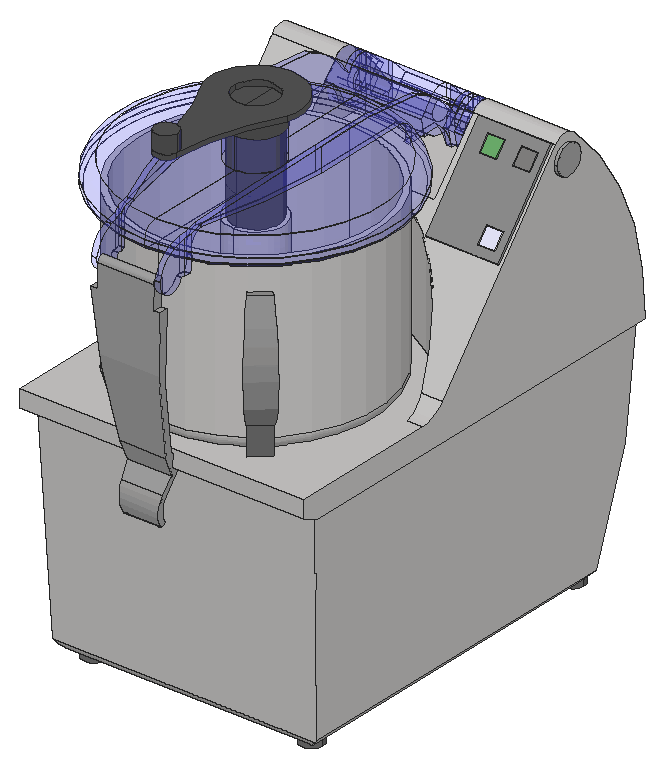
Revit family "QF_DITOSAMA_600452_DK55YVVG", category Specialty Equipment, Revit 2018
Family settings
  Round Connector Dimension = Use Diameter
  Part Type = Normal
  Work Plane-Based = No
  Always vertical = Yes
  Cut with Voids When Loaded = No
  Shared = No
  Room Calculation Point = No
Parameters (values of type "Standard")
  Weight = 22.00 kg
  Watts = 0 W
  Volts = 200 V
  URL Manufacturer = "http://www.ditosama.com"
  URL = "http://www.ditosama.com"
  Steam Supply Size = 0 mm
  Steam Supply Minimum Pressure = 0.0 Pa
  Steam Supply Maximum Pressure = 0.0 Pa
  Steam Pounds per Hour = 0
  Refrigeration Suction Line Size = 0.0 mm
  Refrigeration Liquid Line Size = 0.0 mm
  Refrigerant Compressor Remote = yes
  Manufacturer = "Dito Sama"
  Phase = 1
  Model = "DK55YVVG"
  Length Actual = 256.0 mm  # constant formula
  Item Number = "600452"
  Hot Water Size = 0 mm
  Height Actual = 482.0 mm  # constant formula
  HP = "1.7 HP"
  Gas Size = 0 mm
  Gas KW = 0
  Gas Input Pressure = 0 W
  Direct Waste Size = 0 mm
  Description = "CUTTER-MIXER 5.5L-MICROTOOTHED BLADE-VARIAB.SPEED-1300W-200-240/1/50-60-UK"
  Depth Actual = 415.0 mm  # constant formula
  Cycle = 50 Hz
  Condensate Return Size = 0 mm
  Compressed Air Volume = 0.0 L/s
  Compressed Air Size = 0 mm
  Compressed Air Pressure = 0.0 Pa
  Cold Water Size = 0 mm
  Accessory = yes
Reference planes
  plane 1 "Center (Front/Back)": y = 0
  plane 2: z = 0
  plane 3 "Center (Left/Right)": x = 0
  plane 4 "BASE": z = 6
  plane 5 "TOP": z = 685
  plane 6 "FRONT": y = -207.5
  plane 7 "BACK": y = 207.5
  plane 8 "LEFT": x = -128
  plane 9 "RIGHT": x = 128
  plane 10 "CenterX": x = -10
  plane 11 "Maniglia": through (-10, -59.177, 4000) normal (0.766, 0.6428, 0)
  plane 12 "Panel": through (4267.2, 107.252, 388.448) normal (0, 0.766, -0.6428)
  plane 13: z = 470
Forms (mm)
  Extrusion 1, solid, material "QF_Finishes_Stainless Steel"
    sketch origin (0, 0, 0) x (0, 1, 0) y (0, 0, 1)
      loop
        arc (155.897, 6) -> (160.37, 10.596) -> (163.359, 16.27) r 22.417
        arc (163.359, 16.27) -> (192.273, 107.896) -> (201.98, 203.483) r 470.678
        line (201.98, 203.483) -> (-161.42, 203.483)
        arc (-161.42, 203.483) -> (-159.547, 108.877) -> (-151.391, 14.604) r 1423.016
        arc (-151.391, 14.604) -> (-146.603, 8.365) -> (-139.103, 6) r 13.076
        line (-139.103, 6) -> (155.897, 6)
    from -128 to 128
  Extrusion 2, void
    sketch origin (0, -207.5, 0) x (-1, 0, 0) y (0, 0, 1)
      loop
        line (128, 203.483) -> (125, 203.483) -> (119.389, 16.27) -> (109.119, 6) -> (128, 6) -> (128, 203.483)
      loop
        line (-128, 203.483) -> (-128, 6) -> (-109.119, 6) -> (-119.389, 16.27) -> (-125, 203.483) -> (-128, 203.483)
    from 14.374 to 435.947
  Extrusion 3, solid, material "QF_Finishes_Stainless Steel"
    sketch origin (0, 0, 0) x (0, 1, 0) y (0, 0, 1)
      loop
        arc (207.5, 203.483) -> (187.745, 305.45) -> (127.203, 389.844) r 242.898
        arc (127.203, 389.844) -> (116.931, 393.38) -> (107.252, 388.448) r 13.902
        line (107.252, 388.448) -> (-20.106, 236.67)
        arc (-20.106, 236.67) -> (-30.264, 228.875) -> (-42.764, 226.104) r 29.578
        line (-42.764, 226.104) -> (-177.764, 226.104) -> (-177.764, 211.104) -> (-161.42, 203.483) -> (207.5, 203.483)
    from -128 to 128
  Extrusion 4, void
    sketch origin (0, -207.5, 0) x (-1, 0, 0) y (0, 0, 1)
      loop
        line (-53.607, 393.414) -> (-53.607, 336.684) -> (71.073, 336.684) -> (71.073, 393.414) -> (-53.607, 393.414)
    from 255.469 to 415
  Revolve 5, solid, material "QF_Plastic-Black"
    sketch origin (-10, 0, 0) x (0, -1, 0) y (0, 0, 1)
      loop
        line (59.177, 450.527) -> (28.516, 450.527) -> (35.424, 443.619) -> (35.424, 430.527) -> (38.194, 430.527) -> (38.194, 356.104) -> (59.177, 356.104) -> (59.177, 450.527)
      axis (59.177, 356.104) -> (59.177, 450.527)
    angle from 0 to 360
  Extrusion 6, solid, material "QF_Plastic-Black"
    sketch origin (0, 0, 0) x (1, 0, 0) y (0, 1, 0)
      loop
        arc (-48.167, -71.147) -> (-28.951, -114.517) -> (-19.956, -161.093) r 210.055
        arc (-19.956, -161.093) -> (-10, -170.155) -> (-0.044, -161.093) r 10
        arc (-0.044, -161.093) -> (8.951, -114.517) -> (28.167, -71.147) r 210.055
        arc (28.167, -71.147) -> (-10, -19.177) -> (-48.167, -71.147) r 40
    from 450.5 to 455
  Extrusion 7, solid, material "QF_Plastic-Black"
    sketch origin (0, 0, 0) x (1, 0, 0) y (0, 1, 0)
      loop
        circle (-10, -160.155) r 10
    from 455 to 470
  Extrusion 8, void
    sketch origin (0, 0, 0) x (1, 0, 0) y (0, 1, 0)
      loop
        circle (-10, -59.177) r 19
    from 427.6 to 472.8
  Extrusion 9, void
    sketch origin (0, 0, 0) x (1, 0, 0) y (0, 1, 0)
      loop
        arc (115, -59.177) -> (-10, 65.823) -> (-135, -59.177) r 125
        line (-135, -59.177) -> (115, -59.177)
    from 226.104 to 336.684
  Extrusion 10, void
    sketch origin (-20, 0, 0) x (-1, 0, 0) y (0, -1, 0)
      loop
        line (16.15, 177.864) -> (16.15, -123.86) -> (35.771, -123.86) -> (35.771, 48.192)
        arc (35.771, 48.192) -> (30.047, 105.502) -> (17.781, 161.776) r 500.876
        line (17.781, 161.776) -> (17.781, 171.776) -> (16.15, 177.864)
      loop
        line (40.771, -123.86) -> (45.852, -123.86) -> (45.852, 210.681) -> (21.15, 210.681) -> (21.15, 178.522) -> (22.781, 172.434) -> (22.781, 162.459)
        arc (22.781, 162.459) -> (35.047, 105.893) -> (40.771, 48.297) r 505.876
        line (40.771, 48.297) -> (40.771, -123.86)
    from 350.345 to 477.521
  Extrusion 11, solid, material "Glass"
    sketch origin (-20, 0, 0) x (0, 1, 0) y (0, 0, -1)
      loop
        line (-173.064, -369.647) -> (-181.303, -369.647)
        arc (-181.303, -369.647) -> (-196.341, -361.818) -> (-205.451, -376.117) r 12.548
        arc (-205.451, -376.117) -> (-199.87, -388.651) -> (-189.058, -397.099) r 28.357
        arc (-189.058, -397.099) -> (-65.868, -423.241) -> (59.99, -418.888) r 518.061
        arc (59.99, -418.888) -> (85.116, -404.522) -> (104.437, -382.973) r 90.696
        arc (104.437, -382.973) -> (113.885, -392.821) -> (127.203, -389.844) r 13.902
        arc (127.203, -389.844) -> (135.322, -382.188) -> (143.082, -374.167) r 242.898
        line (143.082, -374.167) -> (137.378, -368.464)
        arc (137.378, -368.464) -> (123.613, -353.84) -> (104.088, -358.543) r 20
        line (104.088, -358.543) -> (99.34, -358.543)
        arc (99.34, -358.543) -> (94.194, -371.609) -> (85.823, -382.884) r 53.446
        line (85.823, -382.884) -> (50.823, -382.884)
        arc (50.823, -382.884) -> (52.796, -383.701) -> (53.614, -385.674) r 2.79
        line (53.614, -385.674) -> (53.614, -390.892)
        arc (53.614, -390.892) -> (50.154, -399.244) -> (41.802, -402.703) r 11.812
        line (41.802, -402.703) -> (-160.307, -402.703)
        arc (-160.307, -402.703) -> (-168.659, -399.244) -> (-172.119, -390.892) r 11.812
        line (-172.119, -390.892) -> (-172.119, -385.826)
        arc (-172.119, -385.826) -> (-171.728, -384.361) -> (-170.659, -383.285) r 2.942
        line (-170.659, -383.285) -> (-173.064, -369.647)
      loop
        circle (117.901, -373.007) r 9.416
    from 16.15 to 45.852
  Extrusion 12, solid, material "Glass"
    sketch origin (0, 0, 0) x (0, 1, 0) y (0, 0, 1)
      loop
        line (137.378, 368.464) -> (143.082, 374.167)
        arc (143.082, 374.167) -> (135.322, 382.188) -> (127.203, 389.844) r 242.898
        arc (127.203, 389.844) -> (116.931, 393.38) -> (107.252, 388.448) r 13.902
        line (107.252, 388.448) -> (95.766, 374.76)
        arc (95.766, 374.76) -> (97.862, 366.72) -> (99.34, 358.543) r 108.872
        line (99.34, 358.543) -> (104.088, 358.543)
        arc (104.088, 358.543) -> (123.613, 353.84) -> (137.378, 368.464) r 20
      loop
        circle (117.901, 373.007) r 9.416
    from -71.073 to 53.607
  Extrusion 13, solid, material "QF_Finishes_Gray"
    sketch origin (0, 0, 0) x (0, 1, 0) y (0, 0, 1)
      loop
        arc (-182.273, 168.111) -> (-185.377, 178.111) -> (-182.273, 188.111) r 17.658
        line (-182.273, 188.111) -> (-169.592, 207.294) -> (-177.764, 211.104) -> (-177.764, 222.201) -> (-180.378, 224.815)
        arc (-180.378, 224.815) -> (-194.973, 298.318) -> (-196.805, 373.235) r 437.299
        arc (-196.805, 373.235) -> (-201.296, 377.726) -> (-205.788, 373.235) r 4.491
        arc (-205.788, 373.235) -> (-201.07, 296.739) -> (-185.461, 221.705) r 534.528
        line (-185.461, 221.705) -> (-177.764, 203.503) -> (-186.394, 190.943)
        arc (-186.394, 190.943) -> (-190.377, 178.111) -> (-186.394, 165.28) r 22.658
        arc (-186.394, 165.28) -> (-182.917, 164.635) -> (-182.273, 168.111) r 2.5
    from -49.646 to 27.326
  Extrusion 14, void
    sketch origin (0, -207.5, 0) x (-1, 0, 0) y (0, 0, 1)
      loop
        line (-15.15, 396.938) -> (-47.326, 396.938) -> (-47.326, 161.938) -> (-5.366, 161.938) -> (-20.516, 351.652) -> (-15.15, 351.652) -> (-15.15, 396.938)
      loop
        line (26.963, 161.938) -> (77.918, 161.938) -> (77.918, 396.938) -> (35.15, 396.938) -> (35.15, 351.652) -> (42.113, 351.652) -> (26.963, 161.938)
    from 46.08 to -69.339
  Extrusion 15, solid, material "Glass"
    sketch origin (0, 0, 0) x (0, 1, 0) y (0, 0, 1)
      loop
        line (-173.064, 369.647) -> (-170.659, 383.285)
        arc (-170.659, 383.285) -> (-171.728, 384.361) -> (-172.119, 385.826) r 2.942
        line (-172.119, 385.826) -> (-172.119, 390.892)
        arc (-172.119, 390.892) -> (-168.659, 399.244) -> (-160.307, 402.703) r 11.812
        line (-160.307, 402.703) -> (41.802, 402.703)
        arc (41.802, 402.703) -> (50.154, 399.244) -> (53.614, 390.892) r 11.812
        line (53.614, 390.892) -> (53.614, 385.674)
        arc (53.614, 385.674) -> (52.796, 383.701) -> (50.823, 382.884) r 2.79
        line (50.823, 382.884) -> (85.823, 382.884)
        arc (85.823, 382.884) -> (94.194, 371.609) -> (99.34, 358.543) r 53.446
        line (99.34, 358.543) -> (104.088, 358.543)
        arc (104.088, 358.543) -> (123.613, 353.84) -> (137.378, 368.464) r 20
        line (137.378, 368.464) -> (143.082, 374.167)
        arc (143.082, 374.167) -> (135.322, 382.188) -> (127.203, 389.844) r 242.898
        arc (127.203, 389.844) -> (113.885, 392.821) -> (104.437, 382.973) r 13.902
        arc (104.437, 382.973) -> (85.116, 404.522) -> (59.99, 418.888) r 90.696
        arc (59.99, 418.888) -> (-65.868, 423.241) -> (-189.058, 397.099) r 518.061
        arc (-189.058, 397.099) -> (-199.87, 388.651) -> (-205.451, 376.117) r 28.357
        arc (-205.451, 376.117) -> (-196.341, 361.818) -> (-181.303, 369.647) r 12.548
        line (-181.303, 369.647) -> (-173.064, 369.647)
      loop
        circle (117.901, 373.007) r 9.416
    from 16.15 to 45.852
  Extrusion 16, void
    sketch origin (0, 0, 0) x (1, 0, 0) y (0, 1, 0)
      loop
        line (16.15, -177.864) -> (17.781, -171.776) -> (17.781, -161.776)
        arc (17.781, -161.776) -> (30.047, -105.502) -> (35.771, -48.192) r 500.876
        line (35.771, -48.192) -> (35.771, 123.86) -> (16.15, 123.86) -> (16.15, -177.864)
      loop
        line (40.771, 123.86) -> (40.771, -48.297)
        arc (40.771, -48.297) -> (35.047, -105.893) -> (22.781, -162.459) r 505.876
        line (22.781, -162.459) -> (22.781, -172.434) -> (21.15, -178.522) -> (21.15, -210.681) -> (45.852, -210.681) -> (45.852, 123.86) -> (40.771, 123.86)
    from 350.345 to 477.521
  Revolve 17, solid, material "Glass"
    sketch origin (-10, 0, -40) x (0, -1, 0) y (0, 0, 1)
      loop
        line (38.194, 422.884) -> (38.194, 470.527) -> (35.424, 470.527) -> (35.424, 442.703) -> (-53.802, 442.703)
        arc (-53.802, 442.703) -> (-62.213, 439.268) -> (-65.732, 430.892) r 11.871
        line (-65.732, 430.892) -> (-65.732, 425.793)
        arc (-65.732, 425.793) -> (-64.88, 423.736) -> (-62.823, 422.884) r 2.909
        line (-62.823, 422.884) -> (38.194, 422.884)
      axis (59.177, 422.884) -> (59.177, 470.527)
    angle from 0 to 360
  Revolve 18, solid, material "QF_Metal-Stainless-Polished"
    sketch origin (-10, 0, 0) x (0, -1, 0) y (0, 0, 1)
      loop
        line (169.177, 382.884) -> (164.177, 382.884) -> (164.177, 237.884)
        arc (164.177, 237.884) -> (162.191, 233.09) -> (157.397, 231.104) r 6.78
        line (157.397, 231.104) -> (84.177, 231.104) -> (84.177, 356.104) -> (79.177, 356.104) -> (79.177, 226.104) -> (157.397, 226.104)
        arc (157.397, 226.104) -> (165.726, 229.554) -> (169.177, 237.884) r 11.78
        line (169.177, 237.884) -> (169.177, 382.884)
      axis (59.177, 382.884) -> (59.177, 226.104)
    angle from 0 to 360
  Extrusion 19, solid, material "QF_Plastic-Gray-Matte"
    sketch origin (-49.423, -13.925, 0) x (0.634002, 0.773331, 0) y (-0.773331, 0.634002, 0)
      loop
        line (-55.497, -222.333) -> (-26.468, -227.794) -> (-20.635, -161.119)
        arc (-20.635, -161.119) -> (-28.727, -159.898) -> (-36.729, -158.185) r 133.529
        line (-36.729, -158.185) -> (-55.497, -222.333)
    from 226.104 to 356.104
  Revolve 20, void
    sketch origin (-35.007, -29.374, 0) x (-0.642788, 0.766044, 0) y (0, 0, 1)
      loop
        arc (-155.215, 337.579) -> (-171.344, 302.579) -> (-155.215, 267.579) r 46.04
        line (-155.215, 267.579) -> (-147.754, 267.579) -> (-147.754, 337.579) -> (-155.215, 337.579)
      loop
        line (-155.215, 356.104) -> (-147.754, 356.104) -> (-147.754, 361.761) -> (-215.215, 361.761) -> (-215.215, 226.104) -> (-147.754, 226.104) -> (-147.754, 256.485) -> (-163.93, 256.485)
        arc (-163.93, 256.485) -> (-184.453, 308.471) -> (-155.215, 356.104) r 62.537
      axis (10, 361.761) -> (10, 226.104)
    angle from -8.217 to 8.652
  Extrusion 21, solid, material "QF_Finishes_Rubber Black"
    sketch origin (0, 0, 0) x (1, 0, 0) y (0, 1, 0)
      loop
        arc (57.446, -154.071) -> (64.931, -148.135) -> (72.061, -141.775) r 165.215
        line (72.061, -141.775) -> (66.401, -136.116)
        arc (66.401, -136.116) -> (59.824, -141.977) -> (52.928, -147.46) r 157.215
        line (52.928, -147.46) -> (57.446, -154.071)
    from 226.104 to 256.485
  Extrusion 22, solid, material "QF_Plastic-Gray-Matte"
    sketch origin (0, -128.336, 107.686) x (0, 0.642788, 0.766044) y (1, 0, 0)
      loop
        line (366.07, 59.066) -> (366.07, 124.8) -> (272.743, 124.8) -> (272.743, 59.066) -> (366.07, 59.066)
      loop
        line (356.63, 102.599) -> (356.63, 117.599) -> (341.63, 117.599) -> (341.63, 102.599) -> (356.63, 102.599)
      loop
        line (295.63, 102.599) -> (295.63, 117.599) -> (280.63, 117.599) -> (280.63, 102.599) -> (295.63, 102.599)
      loop
        line (356.63, 72.599) -> (356.63, 87.599) -> (341.63, 87.599) -> (341.63, 72.599) -> (356.63, 72.599)
    from -1 to 0.6
  Extrusion 23, solid, material "QF_Finishes_Red"
    sketch origin (0, -128.336, 107.686) x (0, 0.642788, 0.766044) y (1, 0, 0)
      loop
        line (356.63, 102.599) -> (356.63, 117.599) -> (341.63, 117.599) -> (341.63, 102.599) -> (356.63, 102.599)
    from -1 to 0.6
  Extrusion 24, solid, material "QF_Finishes_Green"
    sketch origin (-27.396, -127.834, 108.284) x (0, 0.642788, 0.766044) y (1, 0, 0)
      loop
        line (355.85, 99.994) -> (355.85, 114.994) -> (340.786, 114.994) -> (340.786, 99.994) -> (355.85, 99.994)
    from -1 to 0.6
  Extrusion 25, solid, material "QF_Plastic-White-Matte"
    sketch origin (0, -167.546, 60.958) x (0, 0.642788, 0.766044) y (1, 0, 0)
      loop
        line (356.63, 102.599) -> (356.63, 117.599) -> (341.63, 117.599) -> (341.63, 102.599) -> (356.63, 102.599)
    from -1 to 0.6
  Extrusion 26, solid, material "QF_Finishes_Stainless Steel"
    sketch origin (0, 207.5, 0) x (-1, 0, 0) y (0, 0, 1)
      loop
        circle (0, 202) r 10.353
    from -6.2 to 3
  Revolve 27, solid, material "QF_Door-Drawer Clearances", detail levels coarse
    sketch origin (-10, -221.856, 479.549) x (0, 0, 1) y (0, 1, 0)
      loop
        line (59.177, 490.527) -> (28.516, 490.527) -> (35.424, 483.619) -> (35.424, 470.527) -> (38.194, 470.527) -> (38.194, 442.703) -> (59.177, 442.703) -> (59.177, 490.527)
      axis (59.177, 442.703) -> (59.177, 490.527)
    angle from 0 to 360
  Extrusion 28, solid, material "QF_Door-Drawer Clearances", detail levels coarse
    sketch origin (0, -221.856, 479.549) x (1, 0, 0) y (0, 0, -1)
      loop
        arc (-48.167, -71.147) -> (-28.951, -114.517) -> (-19.956, -161.093) r 210.055
        arc (-19.956, -161.093) -> (-10, -170.155) -> (-0.044, -161.093) r 10
        arc (-0.044, -161.093) -> (8.951, -114.517) -> (28.167, -71.147) r 210.055
        arc (28.167, -71.147) -> (-10, -19.177) -> (-48.167, -71.147) r 40
    from 490.527 to 495.013
  Extrusion 29, solid, material "QF_Door-Drawer Clearances", detail levels coarse
    sketch origin (0, -221.856, 479.549) x (1, 0, 0) y (0, 0, -1)
      loop
        circle (-10, -160.155) r 10
    from 495.013 to 510.592
  Extrusion 30, void
    sketch origin (-20, -221.856, 479.359) x (-1, 0, 0) y (0, 0, 1)
      loop
        line (16.15, 177.864) -> (16.15, -123.86) -> (35.771, -123.86) -> (35.771, 48.192)
        arc (35.771, 48.192) -> (30.047, 105.502) -> (17.781, 161.776) r 500.876
        line (17.781, 161.776) -> (17.781, 171.776) -> (16.15, 177.864)
      loop
        line (40.771, -123.86) -> (45.852, -123.86) -> (45.852, 210.681) -> (21.15, 210.681) -> (21.15, 178.522) -> (22.781, 172.434) -> (22.781, 162.459)
        arc (22.781, 162.459) -> (35.047, 105.893) -> (40.771, 48.297) r 505.876
        line (40.771, 48.297) -> (40.771, -123.86)
    from 350.345 to 477.521
  Extrusion 31, solid, material "QF_Door-Drawer Clearances", detail levels coarse
    sketch origin (-20, -221.856, 479.359) x (0, 0, -1) y (0, -1, 0)
      loop
        line (-173.064, -409.647) -> (-181.303, -409.647)
        arc (-181.303, -409.647) -> (-196.341, -401.818) -> (-205.451, -416.117) r 12.548
        arc (-205.451, -416.117) -> (-199.87, -428.651) -> (-189.058, -437.099) r 28.357
        arc (-189.058, -437.099) -> (-65.868, -463.241) -> (59.99, -458.888) r 518.061
        arc (59.99, -458.888) -> (92.246, -438.11) -> (113.023, -405.855) r 90.696
        arc (113.023, -405.855) -> (114.903, -399.662) -> (115.972, -393.28) r 50.278
        arc (115.972, -393.28) -> (121.968, -392.806) -> (127.203, -389.844) r 13.902
        arc (127.203, -389.844) -> (129.309, -387.924) -> (131.393, -385.98) r 242.898
        arc (131.393, -385.98) -> (114.739, -373.307) -> (99.238, -359.247) r 242.898
        arc (99.238, -359.247) -> (87.934, -393.903) -> (65.823, -422.884) r 108.872
        line (65.823, -422.884) -> (50.823, -422.884)
        arc (50.823, -422.884) -> (52.796, -423.701) -> (53.614, -425.674) r 2.79
        line (53.614, -425.674) -> (53.614, -430.892)
        arc (53.614, -430.892) -> (50.154, -439.244) -> (41.802, -442.703) r 11.812
        line (41.802, -442.703) -> (-160.307, -442.703)
        arc (-160.307, -442.703) -> (-168.659, -439.244) -> (-172.119, -430.892) r 11.812
        line (-172.119, -430.892) -> (-172.119, -425.826)
        arc (-172.119, -425.826) -> (-171.728, -424.361) -> (-170.659, -423.285) r 2.942
        line (-170.659, -423.285) -> (-173.064, -409.647)
    from 16.15 to 45.852
  Extrusion 32, void
    sketch origin (0, -221.856, 479.359) x (1, 0, 0) y (0, 0, -1)
      loop
        line (16.15, -177.864) -> (17.781, -171.776) -> (17.781, -161.776)
        arc (17.781, -161.776) -> (30.047, -105.502) -> (35.771, -48.192) r 500.876
        line (35.771, -48.192) -> (35.771, 123.86) -> (16.15, 123.86) -> (16.15, -177.864)
      loop
        line (40.771, 123.86) -> (40.771, -48.297)
        arc (40.771, -48.297) -> (35.047, -105.893) -> (22.781, -162.459) r 505.876
        line (22.781, -162.459) -> (22.781, -172.434) -> (21.15, -178.522) -> (21.15, -210.681) -> (45.852, -210.681) -> (45.852, 123.86) -> (40.771, 123.86)
    from 350.345 to 477.521
  Extrusion 33, solid, material "QF_Door-Drawer Clearances", detail levels coarse
    sketch origin (0, -221.856, 479.359) x (0, 0, -1) y (0, 1, 0)
      loop
        line (-173.064, 409.647) -> (-170.659, 423.285)
        arc (-170.659, 423.285) -> (-171.728, 424.361) -> (-172.119, 425.826) r 2.942
        line (-172.119, 425.826) -> (-172.119, 430.892)
        arc (-172.119, 430.892) -> (-168.659, 439.244) -> (-160.307, 442.703) r 11.812
        line (-160.307, 442.703) -> (41.802, 442.703)
        arc (41.802, 442.703) -> (50.154, 439.244) -> (53.614, 430.892) r 11.812
        line (53.614, 430.892) -> (53.614, 425.674)
        arc (53.614, 425.674) -> (52.796, 423.701) -> (50.823, 422.884) r 2.79
        line (50.823, 422.884) -> (65.823, 422.884)
        arc (65.823, 422.884) -> (87.934, 393.903) -> (99.238, 359.247) r 108.872
        arc (99.238, 359.247) -> (114.739, 373.307) -> (131.393, 385.98) r 242.898
        arc (131.393, 385.98) -> (129.309, 387.924) -> (127.203, 389.844) r 242.898
        arc (127.203, 389.844) -> (121.968, 392.806) -> (115.972, 393.28) r 13.902
        arc (115.972, 393.28) -> (114.903, 399.662) -> (113.023, 405.855) r 50.278
        arc (113.023, 405.855) -> (92.246, 438.11) -> (59.99, 458.888) r 90.696
        arc (59.99, 458.888) -> (-65.868, 463.241) -> (-189.058, 437.099) r 518.061
        arc (-189.058, 437.099) -> (-199.87, 428.651) -> (-205.451, 416.117) r 28.357
        arc (-205.451, 416.117) -> (-196.341, 401.818) -> (-181.303, 409.647) r 12.548
        line (-181.303, 409.647) -> (-173.064, 409.647)
    from 16.15 to 45.852
  Revolve 34, solid, material "QF_Door-Drawer Clearances", detail levels coarse
    sketch origin (-10, -221.856, 479.549) x (0, 0, 1) y (0, 1, 0)
      loop
        line (38.194, 422.884) -> (38.194, 470.527) -> (35.424, 470.527) -> (35.424, 442.703) -> (-53.802, 442.703)
        arc (-53.802, 442.703) -> (-62.213, 439.268) -> (-65.732, 430.892) r 11.871
        line (-65.732, 430.892) -> (-65.732, 425.793)
        arc (-65.732, 425.793) -> (-64.88, 423.736) -> (-62.823, 422.884) r 2.909
        line (-62.823, 422.884) -> (38.194, 422.884)
      axis (59.177, 422.884) -> (59.177, 470.527)
    angle from 0 to 360
  Extrusion 35, solid, material "QF_Finishes_Rubber Black"
    sketch origin (0, 0, 0) x (1, 0, 0) y (0, 1, 0)
      loop
        circle (-98.592, 163.359) r 10
      loop
        circle (-98.592, -131.641) r 10
      loop
        circle (98.592, 163.359) r 10
      loop
        circle (98.592, -131.641) r 10
    from 0 to 6
  Extrusion 36, solid, material "QF_Finishes_Gray"
    sketch origin (0, 0, 0) x (0, 1, 0) y (0, 0, 1)
      loop
        circle (117.901, 373.007) r 13.005
    from 131.516 to 128
  Extrusion 37, solid, material "QF_Finishes_Gray"
    sketch origin (0, 0, 0) x (0, 1, 0) y (0, 0, -1)
      loop
        circle (117.901, -373.007) r 13.005
    from 131.516 to 128
Cuts and joins
  Extrusion 2, Extrusion 8, Extrusion 9 cuts Extrusion 1
  Extrusion 4, Extrusion 9 cuts Extrusion 3
  Extrusion 8 cuts Extrusion 6
  Extrusion 10, Extrusion 16, Extrusion 30, Extrusion 32 cuts Extrusion 11
  Extrusion 14, Extrusion 16, Extrusion 30 cuts Extrusion 13
  Extrusion 16, Extrusion 30, Extrusion 32 cuts Extrusion 12
  Extrusion 16 cuts Extrusion 15
  Revolve 20 cuts Extrusion 19
  Extrusion 30 cuts Revolve 17
  Extrusion 30 cuts Revolve 18
  Extrusion 30, Extrusion 32 cuts Extrusion 31
  Extrusion 32 cuts Extrusion 33
Lines and regions (mm)
  symbolic lines
    curve 1: arc (-10, -172.155, 0) -> (3.999, -171.284, 0) -> (17.781, -168.686, 0) r 112.979
    curve 2: arc (-10, -184.085, 0) -> (-23.148, -183.391, 0) -> (-36.15, -181.317, 0) r 124.909
    curve 3: line (128, -157.764, 0) -> (128, 187.57, 0)
    curve 4: line (124.8, 106.204, 0) -> (59.066, 106.204, 0)
    curve 5: line (102.599, 90.494, 0) -> (117.599, 90.494, 0)
    curve 6: line (117.599, 62.151, 0) -> (102.599, 62.151, 0)
    curve 7: line (102.599, 51.284, 0) -> (117.599, 51.284, 0)
    curve 8: line (102.599, 62.151, 0) -> (102.599, 51.284, 0)
    curve 9: line (117.599, 51.284, 0) -> (117.599, 62.151, 0)
    curve 10: line (117.599, 90.494, 0) -> (117.599, 101.361, 0)
    curve 11: line (102.599, 101.361, 0) -> (102.599, 90.494, 0)
    curve 12: arc (-0.044, -161.093, 0) -> (8.951, -114.517, 0) -> (28.167, -71.147, 0) r 210.055
    curve 13: arc (28.167, -71.147, 0) -> (-10, -19.177, 0) -> (-48.167, -71.147, 0) r 40
    curve 14: arc (-48.167, -71.147, 0) -> (-28.951, -114.517, 0) -> (-19.956, -161.093, 0) r 210.055
    curve 15: arc (-19.956, -161.093, 0) -> (-10, -170.155, 0) -> (-0.044, -161.093, 0) r 10
    curve 16: arc (0, -160.155, 0) -> (-10, -150.155, 0) -> (-20, -160.155, 0) r 10
    curve 17: arc (-55.771, -48.192, 0) -> (-50.047, -105.502, 0) -> (-37.781, -161.776, 0) r 500.876
    curve 18: arc (-42.781, -162.459, 0) -> (-55.047, -105.893, 0) -> (-60.771, -48.297, 0) r 505.876
    curve 19: line (-55.771, 123.86, 0) -> (-55.771, -48.192, 0)
    curve 20: line (-60.771, -48.297, 0) -> (-60.771, 123.86, 0)
    curve 21: line (40.771, 123.86, 0) -> (40.771, -48.297, 0)
    curve 22: line (35.771, -48.192, 0) -> (35.771, 123.86, 0)
    curve 23: arc (40.771, -48.297, 0) -> (35.047, -105.893, 0) -> (22.781, -162.459, 0) r 505.876
    curve 24: arc (17.781, -161.776, 0) -> (30.047, -105.502, 0) -> (35.771, -48.192, 0) r 500.876
    curve 25: line (22.781, -162.459, 0) -> (22.781, -172.434, 0)
    curve 26: line (17.781, -171.776, 0) -> (17.781, -161.776, 0)
    curve 27: line (16.15, -177.864, 0) -> (17.781, -171.776, 0)
    curve 28: line (22.781, -172.434, 0) -> (21.15, -178.522, 0)
    curve 29: line (21.15, -178.522, 0) -> (21.15, -205.641, 0)
    curve 30: line (-37.781, -161.776, 0) -> (-37.781, -171.776, 0)
    curve 31: line (-42.781, -172.434, 0) -> (-42.781, -162.459, 0)
    curve 32: line (-41.15, -178.522, 0) -> (-42.781, -172.434, 0)
    curve 33: line (-37.781, -171.776, 0) -> (-36.15, -177.864, 0)
    curve 34: line (-41.15, -205.641, 0) -> (-41.15, -178.522, 0)
    curve 35: spline (22.008, -197.61, 0) -> (21.937, -197.617, 0) -> (21.865, -197.622, 0) -> (21.794, -197.626, 0) -> (21.722, -197.627, 0) -> (21.651, -197.627, 0) -> (21.579, -197.625, 0) -> (21.508, -197.621, 0) -> (21.436, -197.615, 0) -> (21.365, -197.608, 0) -> (21.293, -197.598, 0) -> (21.222, -197.587, 0) -> (21.15, -197.574, 0)
    curve 36: line (-71.073, 171.51, 0) -> (53.607, 171.51, 0)
    curve 37: line (59.066, 46.214, 0) -> (124.8, 46.214, 0)
    curve 38: line (59.066, 106.204, 0) -> (59.066, 46.214, 0)
    curve 39: line (124.8, 46.214, 0) -> (124.8, 107.429, 0)
    curve 40: line (53.607, 48.324, 0) -> (53.607, 171.51, 0)
    curve 41: line (-71.073, 171.51, 0) -> (-71.073, 49.783, 0)
    curve 42: arc (40.771, 54.948, 0) -> (114.476, -69.566, 0) -> (21.15, -180.138, 0) r 124.909
    curve 43: arc (-60.771, 41.751, 0) -> (-122.562, -68.863, 0) -> (-42.781, -167.295, 0) r 112.979
    curve 44: line (93.154, -162.392, 0) -> (78.293, -147.531, 0)
    curve 45: line (93.154, -162.392, 0) -> (74.048, -178.424, 0)
    curve 46: line (74.048, -178.424, 0) -> (61.96, -161.274, 0)
    curve 47: arc (-37.781, -168.686, 0) -> (-23.999, -171.284, 0) -> (-10, -172.155, 0) r 112.979
    curve 48: arc (-41.15, -180.138, 0) -> (-94.625, -151.05, 0) -> (-128, -100.142, 0) r 124.909
    curve 49: arc (22.781, -167.295, 0) -> (102.562, -68.863, 0) -> (40.771, 41.751, 0) r 112.979
    curve 50: arc (16.15, -181.317, 0) -> (3.148, -183.391, 0) -> (-10, -184.085, 0) r 124.909
    curve 51: line (16.15, -205.242, 0) -> (16.15, -177.864, 0)
    curve 52: line (-36.15, -205.641, 0) -> (-36.15, -177.864, 0)
    curve 53: line (-41.15, -205.641, 0) -> (21.15, -205.641, 0)
    curve 54: line (22.008, -205.53, 0) -> (22.008, -197.61, 0)
    curve 55: line (22.008, -205.53, 0) -> (21.15, -205.53, 0)
    curve 56: spline (-42.008, -197.61, 0) -> (-41.937, -197.617, 0) -> (-41.865, -197.622, 0) -> (-41.794, -197.626, 0) -> (-41.722, -197.627, 0) -> (-41.651, -197.627, 0) -> (-41.579, -197.625, 0) -> (-41.508, -197.621, 0) -> (-41.436, -197.615, 0) -> (-41.365, -197.608, 0) -> (-41.293, -197.598, 0) -> (-41.222, -197.587, 0) -> (-41.15, -197.574, 0)
    curve 57: line (-42.008, -205.53, 0) -> (-42.008, -197.61, 0)
    curve 58: line (-42.008, -205.53, 0) -> (-41.15, -205.53, 0)
    curve 59: arc (-128, -18.211, 0) -> (-101.973, 25.34, 0) -> (-60.771, 54.948, 0) r 124.909
    curve 60: arc (-128, -100.142, 0) -> (-134.909, -59.177, 0) -> (-128, -18.211, 0) r 124.909
    curve 61: line (-108, -177.764, 0) -> (-49.233, -177.764, 0)
    curve 62: line (-128, 187.57, 0) -> (-128, -17.764, 0)
    curve 63: line (29.233, -177.764, 0) -> (108, -177.764, 0)
    curve 64: line (-128, -97.764, 0) -> (-128, -157.764, 0)
    curve 65: line (-108, 207.57, 0) -> (108, 207.57, 0)
    curve 66: arc (-128, -157.764, 0) -> (-122.142, -171.906, 0) -> (-108, -177.764, 0) r 20
    curve 67: arc (108, -177.764, 0) -> (122.142, -171.906, 0) -> (128, -157.764, 0) r 20
    curve 68: arc (128, 187.57, 0) -> (122.142, 201.713, 0) -> (108, 207.57, 0) r 20
    curve 69: arc (-108, 207.57, 0) -> (-122.142, 201.713, 0) -> (-128, 187.57, 0) r 20
    curve 70: line (45.852, 123.86, 0) -> (-71.073, 123.86, 0)
    curve 71: line (45.852, 137.378, 0) -> (-65.852, 137.378, 0)
    curve 72: line (45.852, 143.082, 0) -> (-65.852, 143.082, 0)
    curve 73: line (53.607, 123.86, 0) -> (45.852, 123.86, 0)
    curve 74: line (45.852, 123.86, 0) -> (45.852, 170.216, 0)
    curve 75: line (45.852, 170.216, 0) -> (-65.852, 170.216, 0)
    curve 76: line (-65.852, 170.216, 0) -> (-65.852, 123.86, 0)
    curve 77: line (102.599, 101.361, 0) -> (117.599, 101.361, 0)
    curve 78: line (72.599, 90.494, 0) -> (87.599, 90.494, 0)
    curve 79: line (87.599, 90.494, 0) -> (87.599, 101.361, 0)
    curve 80: line (72.599, 101.361, 0) -> (72.599, 90.494, 0)
    curve 81: line (72.599, 101.361, 0) -> (87.599, 101.361, 0)
Dimensions and locks
  plane 4 "BASE" to level = 6.0 mm
  plane 5 "TOP" to level = 685.0 mm  (x2)
  plane 8 "LEFT" to plane 3 "Center (Left/Right)" to plane 9 "RIGHT" = 128.0 mm, 128.0 mm
  plane 7 "BACK" to plane 1 "Center (Front/Back)" to plane 6 "FRONT" = 207.5 mm, 207.5 mm
  plane 7 "BACK" to plane 6 "FRONT" = 415.0 mm
  plane 8 "LEFT" to plane 9 "RIGHT" = 256.0 mm
  plane 10 "CenterX" to plane 3 "Center (Left/Right)" = 10.0 mm
  plane 13 to level = 470.0 mm
  aligned and locked: level to plane 2
  aligned and locked: Extrusion 22 sketch curve to Extrusion 23
Connectors
  electrical at (0, 210.5, 202)
    settings: on Extrusion 26, index 1, voltage 0 V, apparent load 0 VA, apparent load phase1 0 VA, apparent load phase2 0 VA, apparent load phase3 0 VA, power factor 1, load classification "Other", number of poles 1, system type 30, power factor state 1, is connector primary yes, connector utility no, sub classification motor no, connector description "Electrical connection"
